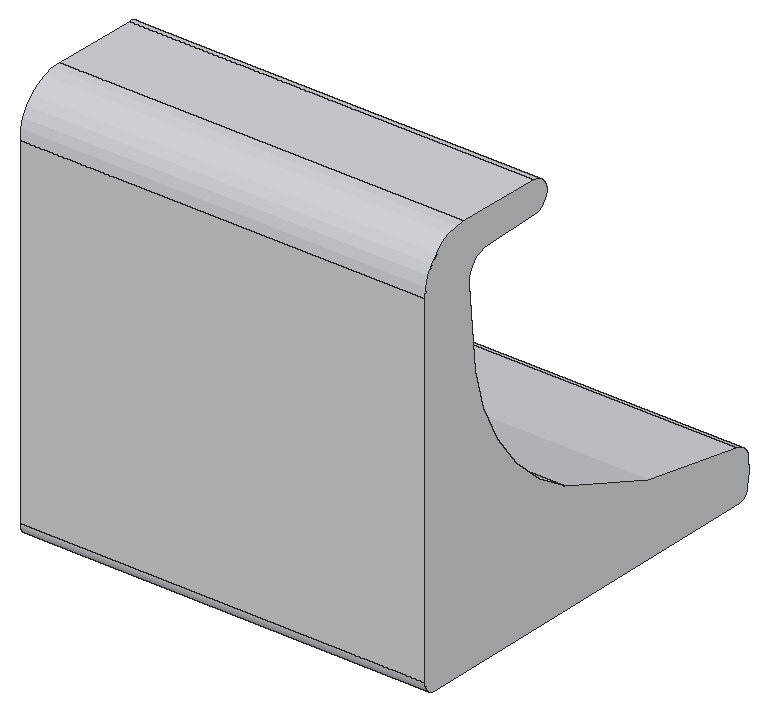
Revit family "Accessory-Cabinet_Knob-KOHLER-Loure-K-11575", category Specialty Equipment, host Face, Revit 2015
Parameters (values of type "CP-Polished Chrome")
  Width = 1"  # constant formula
  URL = "https://www.us.kohler.com/us/"
  Type = 1
  Product Page URL = "http://www.us.kohler.com/us/catalog/productDetails.jsp?productNumber=11575"
  Product Name = "Loure"  # constant formula
  Product Documentation Link = "http://www.us.kohler.com/onlinecatalog/pdf/K-11575_spec.pdf"
  Model = if(Type = 1, "K-11575-CP", if(Type = 2, "K-11575-SN", if(Type = 3, "K-11575-BN", "NA")))  # "K-11575-CP"
  Material = "Premium Metal Construction"  # constant formula
  MasterFormat 2004 = "10.28.13"  # constant formula
  MasterFormat 1995 = "10820"  # constant formula
  Manufacturer Address = "444 Highland Dr, Kohler, WI 53044"  # constant formula
  Manufacturer = "KOHLER Co."  # constant formula
  Length = 1"  # constant formula
  Height = 1"  # constant formula
  Finish = Kohler-Metal-CP-Polished_Chrome
  Environmental Product Declaration = ""
  Description = "1-1/4 inch knob"  # constant formula
  Default Elevation = 42"
  Declare Label = ""
  Date Modified = "11/15/2018"  # constant formula
  Date Created = "11/15/2018"  # constant formula
  Copyright = "Copyright KOHLER Co."  # constant formula
  Contact Us = "https://www.us.kohler.com/us/static/contact.jsp"
  Assembly Code = "C1030200"
  ADA Compliant = 1 = 0  # no
Types (4): name | Type | Model | Finish
  (no name) | 1 | "K-11575-CP" | Kohler-Metal-CP-Polished_Chrome
  CP-Polished Chrome | 1 | "K-11575-CP" | Kohler-Metal-CP-Polished_Chrome
  SN-Vibrant Polished Nickel | 2 | "K-11575-SN" | Kohler-Metal-SN-Vibrant_Polished_Nickel
  BN-Vibrant Brushed Nickel | 3 | "K-11575-BN" | Kohler-Metal-BN-Vibrant_Brushed_Nickel
Reference planes (in)
  plane 1 "Center (Front/Back)": y = 0
  plane 2: z = 0
  plane 3 "Center (Left/Right)": x = 0
  plane 4: x = -0.5
  plane 5: x = 0.5
  plane 6: y = 0.5
  plane 7: y = -0.5
  plane 8: z = 1
Dimensions and locks (in)
  "Length": plane 4 to plane 5
  "Height": plane 6 to plane 7
  "Width": plane 8 to level
  aligned and locked: plane 2 to host face
  aligned and locked: level to host face
Automatic sketch dimensions
  host sketch curve to host sketch curve = 96"  (x2)
Nested families (in)
  nested 1: "K-11575" at (0, 0, 0), type "K-11575"
Definition of nested family "K-11575"
  Parameters (values of type "K-11575")
    Material = none
  Reference planes (in)
    plane 1 "Center (Front/Back)": y = 0
    plane 2: z = 0
    plane 3 "Center (Left/Right)": x = 0
    plane 4: y = 0.5
    plane 5: x = -0.5
    plane 6: x = 0.5
    plane 7: y = -0.5
    plane 8: z = 1
  Forms (in)
    Extrusion 1, solid, material <- "Material", detail levels medium+fine
      sketch origin (0, -0.50001, 0.50001) x (0, 0, -1) y (0, 1, 0)
        loop
          line (-0.41553, 0.19455) -> (-0.41802, 0.33757)
          arc (-0.41802, 0.33757) -> (-0.45712, 0.376) -> (-0.49622, 0.33757) r 0.03911
          line (-0.49622, 0.33757) -> (-0.5, 0.12124)
          arc (-0.5, 0.12124) -> (-0.46585, 0.03564) -> (-0.38085, 0) r 0.11916
          line (-0.38085, 0) -> (0.46876, 0)
          arc (0.46876, 0) -> (0.49086, 0.00915) -> (0.50001, 0.03125) r 0.03125
          line (0.50001, 0.03125) -> (0.50001, 0.96548)
          arc (0.50001, 0.96548) -> (0.49274, 0.98552) -> (0.4743, 0.99624) r 0.03125
          arc (0.4743, 0.99624) -> (0.44096, 0.99985) -> (0.40744, 0.99876) r 0.23864
          arc (0.40744, 0.99876) -> (0.38402, 0.98751) -> (0.37312, 0.96392) r 0.03842
          arc (0.37312, 0.96392) -> (0.32325, 0.69266) -> (0.22373, 0.43544) r 1.47394
          arc (0.22373, 0.43544) -> (0.06799, 0.24961) -> (-0.15495, 0.15429) r 0.52148
          arc (-0.15495, 0.15429) -> (-0.25436, 0.14115) -> (-0.35447, 0.13559) r 1.32001
          arc (-0.35447, 0.13559) -> (-0.39721, 0.15243) -> (-0.41553, 0.19455) r 0.06001
      from -0.5 to 0.5
    Extrusion 2, solid, material <- "Material", detail levels coarse
      sketch origin (0, -0.50001, 0.50001) x (0, 0, -1) y (0, 1, 0)
        loop
          line (0.5, 1) -> (0.37682, 1) -> (-0.39592, 0.15122) -> (-0.39592, 0.37914) -> (-0.5, 0.37914) -> (-0.5, 0) -> (0.5, 0) -> (0.5, 1)
      from -0.5 to 0.5
  Lines and regions (in)
    Masking region 1
      outline origin (0, -0.50001, 0.50001) x (0, 0, -1) y (0, 1, 0)
        loop
          arc (0.40744, 0.99876) -> (0.38402, 0.98751) -> (0.37312, 0.96392) r 0.03842
          arc (0.37312, 0.96392) -> (0.32325, 0.69266) -> (0.22373, 0.43544) r 1.47394
          arc (0.22373, 0.43544) -> (0.06799, 0.24961) -> (-0.15495, 0.15429) r 0.52148
          arc (-0.15495, 0.15429) -> (-0.25436, 0.14115) -> (-0.35447, 0.13559) r 1.32001
          arc (-0.35447, 0.13559) -> (-0.39721, 0.15243) -> (-0.41553, 0.19455) r 0.06001
          line (-0.41553, 0.19455) -> (-0.41802, 0.33757)
          arc (-0.41802, 0.33757) -> (-0.45721, 0.376) -> (-0.49623, 0.33741) r 0.03911
          arc (-0.49623, 0.33741) -> (-0.49788, 0.22933) -> (-0.49999, 0.12109) r 25.50775
          arc (-0.49999, 0.12109) -> (-0.46598, 0.0354) -> (-0.38085, 0) r 0.11853
          line (-0.38085, 0) -> (0.47013, 0)
          arc (0.47013, 0) -> (0.49133, 0.00889) -> (0.49985, 0.03024) r 0.02972
          line (0.49985, 0.03024) -> (0.50001, 0.96548)
          arc (0.50001, 0.96548) -> (0.49156, 0.98686) -> (0.47077, 0.99667) r 0.03125
          arc (0.47077, 0.99667) -> (0.45475, 0.99899) -> (0.4386, 1.00001) r 0.19995
          arc (0.4386, 1.00001) -> (0.423, 0.99987) -> (0.40744, 0.99876) r 0.24852
    Masking region 2
      outline origin (0, 0, 0) x (1, 0, 0) y (0, 0, 1)
        loop
          line (-0.5, 1) -> (-0.5, 0) -> (0.5, 0) -> (0.5, 1) -> (-0.5, 1)
    Masking region 3
      outline origin (0, 0, 0) x (1, 0, 0) y (0, 1, 0)
        loop
          line (-0.5, 0.5) -> (-0.5, -0.5) -> (0.5, -0.5) -> (0.5, 0.5) -> (-0.5, 0.5)
    symbolic lines, detail levels medium+fine
      curve 1: line (0.5, -0.12087, 0) -> (-0.5, -0.12087, 0)
  Dimensions and locks (in)
    aligned and locked: level to plane 2
